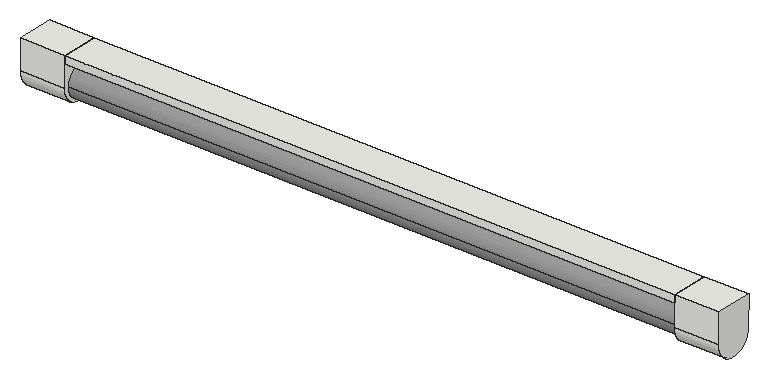
Revit family "M_Luminária embutida - Embutida em armário", category Luminárias, Revit 2019
Family settings
  Cota do conector redondo = Utilizar diâmetro
  Tipo de parte = Normal
  Número OmniClass = 23.80.70.11.14.11
  Título OmniClass = Downlights
  ID de item do Seek = Downlight - Under Cabinet-0000-CAN-ENU
  Com base no plano de trabalho = Não
  Sempre na vertical = Sim
  Corte com vazios quando carregada = Não
  Fonte luminosa = Sim
  Compartilhado = Não
  Ponto de cálculo do ambiente = Não
Parameters (values of type "120V")
  Wattage = 8 W
  built-in parameter 1150110 = 1 (stored number, unit not read)
  built-in parameter 1114217 = 0.88 (stored number, unit not read)
  built-in parameter 1150109 = 1 (stored number, unit not read)
  built-in parameter 1150134 = 8
  built-in parameter 1150113 = 1 (stored number, unit not read)
  Tilt Angle = 90.00°
  Arquivo de rede fotométrica = "DUC1T8.IES"
  built-in parameter 1150115 = 1 (stored number, unit not read)
  built-in parameter 1150105 = 31.831 (stored number, unit not read)
  Classificação de carga = Iluminação - Unidade de interrupção
  built-in parameter 1150137 = 1
  built-in parameter 1150139 = (empty or 0)
  Material de sombra = Aço, acabamento de pintura, marfim, com brilho
  built-in parameter 1150112 = 1 (stored number, unit not read)
  Material do difusor = Vidro, Branco, Alta Luminosidade
  built-in parameter 1150114 = 1 (stored number, unit not read)
  built-in parameter 1150132 = (empty or 0)
  built-in parameter 1150102 = (empty or 0)
  built-in parameter 1150138 = (empty or 0)
  built-in parameter 1150107 = 4230 (stored number, unit not read)
  built-in parameter 1150106 = 0.31831 (stored number, unit not read)
  Emitir do comprimento da linha = Comprimento da luz - 38 mm  # 262 mm
  built-in parameter 1150104 = 4.6452 (stored number, unit not read)
  Dimming Lamp Color Temperature Shift = (empty or 0)
  Color Filter = 16777215
  Voltagem = 120 V
  Número de pólos = 1
  built-in parameter 1114218 = 0.88 (stored number, unit not read)
  built-in parameter 1150133 = 10 (stored number, unit not read)
  Código de montagem = "D5020210"
  Lâmpada = "T-8"
  Comprimento da luz = 300 mm
  Elevação da luz = 1350 mm
  Lumens = 400 lm
  Comentários de voltagem = "8"
  Carga aparente = 8 VA
Types (3, lengths in mm): name | Voltagem
  (no name) | 120 V
  120V | 120 V
  277V | 277 V
Reference planes
  plane 1 "Eixo de origem da luz": y = 0
  plane 2: z = 0
  plane 3 "Eixo de origem da luz": x = 0
  plane 4 "Elevação da origem da luz": z = 1337.3
  plane 5: x = -150
  plane 6: x = 150
  plane 7: x = 130.95
  plane 8: x = -130.95
  plane 9: z = 1350
  plane 10: z = 1330.9
Forms (mm)
  Sweep 1, solid, material "Vidro, Branco, Alta Luminosidade" <- "Material do difusor"
    path origin (0, 0, 1337.3) x (0, -1, 0) y (1, 0, 0)
      loop
        line (0, -130.95) -> (0, 130.95)
    profile origin (0, 0, 1358.9) x (0, 1, 0) y (0, 0, 1)
      loop
        circle (0, -21.6) r 6.35
  Extrusion 2, solid, material "Aço, acabamento de pintura, marfim, com brilho" <- "Material de sombra"
    sketch origin (304.8, 0, 1371.6) x (0, 1, 0) y (0, 0, 1)
      loop
        line (7.938, -24.88) -> (7.938, -21.6) -> (-7.937, -21.6) -> (-7.937, -24.88) -> (7.938, -24.88)
    from -435.75 to -173.85
  Extrusion 3, solid, material "Aço, acabamento de pintura, marfim, com brilho" <- "Material de sombra"
    sketch origin (-130.95, 0, 1337.3) x (0, 0, 1) y (0, 1, 0)
      loop
        arc (0, 7.938) -> (-7.938, 0) -> (0, -7.937) r 7.938
        line (0, -7.937) -> (12.7, -7.937) -> (12.7, 7.938) -> (0, 7.938)
    from 0 to 19.05
  Extrusion 4, solid, material "Aço, acabamento de pintura, marfim, com brilho" <- "Material de sombra"
    sketch origin (130.95, 0, 1330.95) x (0, 1, 0) y (0, 0, 1)
      loop
        arc (-7.938, 6.35) -> (0, -1.588) -> (7.937, 6.35) r 7.938
        line (7.937, 6.35) -> (7.937, 19.05) -> (-7.938, 19.05) -> (-7.938, 6.35)
    from 0 to 19.05
Lines and regions (mm)
  symbolic lines
    curve 1: line (150, 12.7, 0) -> (-150, 12.7, 0)
    curve 2: line (150, -12.7, 0) -> (150, 12.7, 0)
    curve 3: line (-150, -12.7, 0) -> (150, -12.7, 0)
    curve 4: line (-150, 12.7, 0) -> (-150, -12.7, 0)
Dimensions and locks
  "Comprimento da luz": plane 5 to plane 6
  plane 5 to plane 8 = 19.05 mm
  plane 7 to plane 6 = 19.05 mm
  locked: plane 9 to plane 4 "Elevação da origem da luz" at 12.7
  "Elevação da luz": plane 9 to plane 2
  equal spacing: plane 5, plane 3 "Eixo de origem da luz", plane 6
  locked: plane 4 "Elevação da origem da luz" to plane 10 at 6.4
  aligned and locked: plane 8 to Sweep 1 sketch curve
  aligned and locked: plane 7 to Sweep 1 sketch curve
  aligned and locked: plane 3 "Eixo de origem da luz" to imposter light
  aligned and locked: plane 1 "Eixo de origem da luz" to imposter light
  aligned and locked: plane 4 "Elevação da origem da luz" to Extrusion 3 sketch curve
  aligned and locked: plane 1 "Eixo de origem da luz" to Extrusion 3 sketch curve
  aligned and locked: Extrusion 3 to plane 9
  aligned and locked: plane 4 "Elevação da origem da luz" to Extrusion 4 sketch curve
  aligned and locked: plane 1 "Eixo de origem da luz" to Extrusion 4 sketch curve
  aligned and locked: Extrusion 4 to plane 9
  aligned and locked: plane 8 to Extrusion 2
  aligned and locked: Extrusion 2 to plane 7
  aligned and locked: Extrusion 2 to plane 9
  aligned and locked: plane 10 to imposter light
Automatic sketch dimensions
  Sweep 1 sketch curve to plane 4 "Elevação da origem da luz" = 0 mm
  Sweep 1 sketch curve to profile plane = 0 mm
  profile plane to Sweep 1 sketch curve = 6.35 mm
  Sweep 1 sketch curve to plane 1 "Eixo de origem da luz" = 0 mm
  Extrusion 2 sketch curve to Extrusion 2 sketch curve = 3.28 mm
  curve 4 to plane 1 "Eixo de origem da luz" = 12.7 mm
  curve 4 to plane 5 = 0 mm
  plane 1 "Eixo de origem da luz" to curve 3 = 12.7 mm
  plane 1 "Eixo de origem da luz" to Extrusion 2 sketch curve = 7.937 mm
  Extrusion 2 sketch curve to plane 1 "Eixo de origem da luz" = 7.938 mm
  Extrusion 2 sketch curve to plane 4 "Elevação da origem da luz" = 9.42 mm
  plane 1 "Eixo de origem da luz" to Extrusion 3 sketch curve = 7.937 mm
  plane 1 "Eixo de origem da luz" to Extrusion 4 sketch curve = 7.938 mm
  Extrusion 3 sketch curve to plane 9 = 0 mm
  Extrusion 4 sketch curve to plane 9 = 0 mm
  curve 3 to plane 6 = 0 mm
Connectors
  electrical at (0, 0, 1350), driven by "Carga aparente", driven by "Voltagem", driven by "Número de pólos", driven by "Classificação de carga"
    settings: on Extrusion 2, index 1, voltage 120 V, apparent load 0 VA, apparent load phase1 8 VA, apparent load phase2 0 VA, apparent load phase3 0 VA, power factor 0.95, load classification "Iluminação - Unidade de interrupção", number of poles 1, system type 31, power factor state 1, is connector primary yes, connector utility no, sub classification motor no, connector description ""
